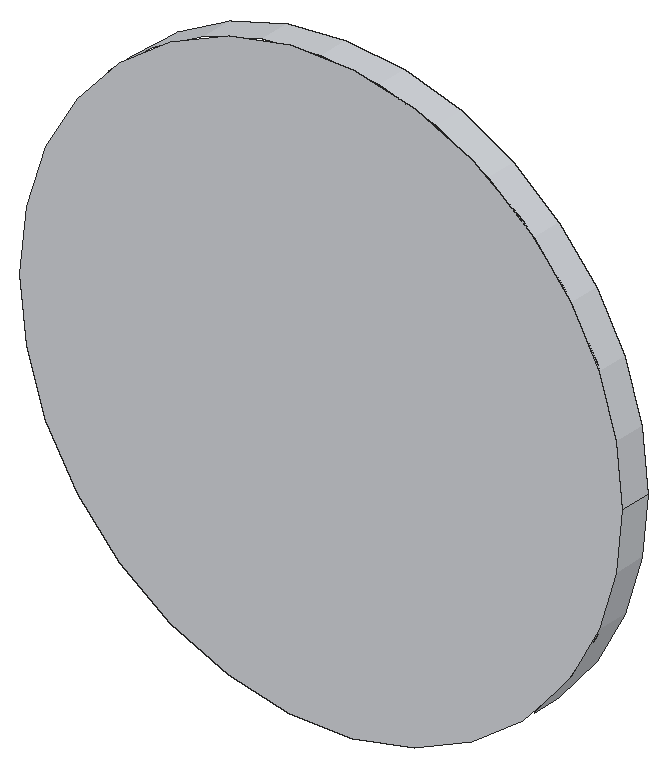
Revit family "RM-29", category Plumbing Fixtures, Revit 2014
Parameters (values of type "RM-29")
  URL = "http://helvex.com/contenido.php?producto=560"
  Type Comments = "Hand Showers"
  Total Width = 5.1"
  Total Length = 22.8"
  Total Depth = 1.9"
  Plastic Showerhead = Plastic
  Model = "RM-29"
  Min. Working Pressure = 14.22 psi
  Min. Water Flow = 0.66 GPM
  Max. Working Pressure = 85.34 psi
  Max. Water Flow = 2.64 GPM
  Manufacturer = "HELVEX"
  Instructive = "http://helvex.com/productos/instructivos/RM-29.pdf"
  Inlet Threads = "½\" - 14 NPT"
  Features = "Shower Medium And High Pressure; Semi-Recessed Fixture; Setting Kit Included; Adjustable Height Mechanism; Length Hose 59\" (1,5 m); With Antiscale System; Five Types Of Jets"
  Description = "Sliding Height Shower 5 Spray Modes With Antiscale System"
  Data Sheet = "http://helvex.com/productos/fichas/RM-29.pdf"
  Certification = "http://helvex.com/productos/vistas/RM-29.pdf"
  Brass Chromed = Brass
Reference planes (in)
  plane 1 "Center (Front/Back)": y = 0
  plane 2: z = 0
  plane 3 "Center (Left/Right)": x = 0
  plane 4: z = 74.8
Forms (in)
  Extrusion 1, solid
    sketch origin (0, 0, 0) x (1, 0, 0) y (0, 0, 1)
      loop
        circle (0, 74.8) r 0.25
    from 0 to -0.02556
Dimensions and locks (in)
  locked: plane 4 to plane 2 at 74.8
  aligned and locked: level to plane 2
Connectors (in)
  piping at (0, 0.02556, 74.8), diameter 0.5
    settings: on Extrusion 1, index 1, connector inside diameter 609.6 mm, connector length 0", flow factor 0, pipe flow 0.0 GPM, pressure drop 0.0 psi, fitting loss kfactor 0, connector angle 0.00°, fixture units 0, engagement length 0", angle of deflection 0.00°, flow configuration 2, flow direction 1, fitting loss method 0, system type 16, joint type 0, gender type 0, connector reference index -1, connector utility 0, adjustable connector no, is connector primary yes, connector description ""
